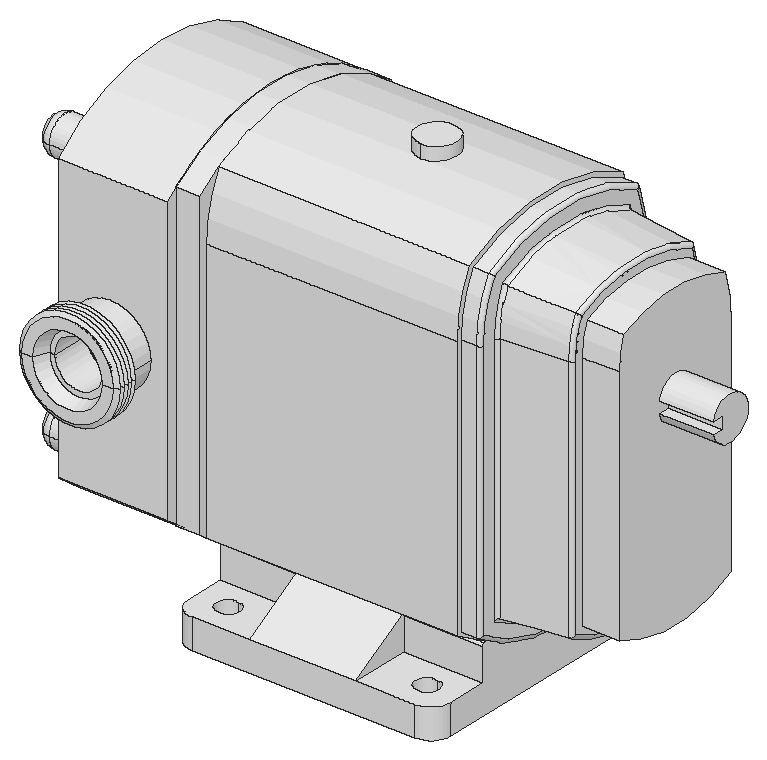
Revit family "MLP 20 - MR202 - Lobe Pump ", category Specialty Equipment, Revit 2022
Family settings
  Round Connector Dimension = Use Diameter
  Part Type = Normal
  Work Plane-Based = No
  Always vertical = Yes
  Cut with Voids When Loaded = No
  Maintain Annotation Orientation = No
  Shared = No
  Room Calculation Point = No
Parameters (values of type "MLP 20 - 0.75kW")
  URL = "https://en.ekinendustriyel.com/lobe-pumps/lobe-pumps"
  Pressure = 20.0 bar  # constant formula
  Motor Power = 0.75 kW  # constant formula
  Model = "MLP-20 TUL - MR202"
  Manufacturer = "Ekin Endüstriyel"
  Keynote = "Double Serpentine Heater Tank"
  Flow = 2.0 m³/h  # constant formula
  Description = "MIT MLP 20 - Lobe Pump"
  Default Elevation = 0"
Reference planes (in)
  plane 1 "Center (Front/Back)": y = 0
  plane 2: z = 0
  plane 3 "Center (Left/Right)": x = 0
Forms (in)
  Extrusion 1, solid, material "Ekin Endüstriyel_StainlesSteel", detail levels medium+fine
    sketch origin (0, 0, 0) x (1, 0, 0) y (0, 1, 0)
      loop
        arc (-2.94291, -2.16535) -> (-2.8276, -2.44374) -> (-2.54921, -2.55906) r 0.3937
        line (-2.54921, -2.55906) -> (1.86024, -2.55906)
        arc (1.86024, -2.55906) -> (2.13862, -2.44374) -> (2.25394, -2.16535) r 0.3937
        line (2.25394, -2.16535) -> (2.25394, 2.16535)
        arc (2.25394, 2.16535) -> (2.13862, 2.44374) -> (1.86024, 2.55906) r 0.3937
        line (1.86024, 2.55906) -> (-2.54921, 2.55906)
        arc (-2.54921, 2.55906) -> (-2.8276, 2.44374) -> (-2.94291, 2.16535) r 0.3937
        line (-2.94291, 2.16535) -> (-2.94291, -2.16535)
      loop
        circle (-2.31299, 1.9685) r 0.23622
      loop
        circle (1.62402, 1.9685) r 0.23622
      loop
        circle (1.62402, -1.9685) r 0.23622
      loop
        circle (-2.31299, -1.9685) r 0.23622
    from 0 to 0.59055
  Extrusion 2, solid, material "Ekin Endüstriyel_StainlesSteel", detail levels medium+fine
    sketch origin (0, 0, 0) x (0, 1, 0) y (0, 0, 1)
      loop
        arc (2.55906, 7.79528) -> (0, 8.77953) -> (-2.55906, 7.79528) r 3.8189
        line (-2.55906, 7.79528) -> (-2.55906, 2.12598)
        arc (-2.55906, 2.12598) -> (0, 1.14173) -> (2.55906, 2.12598) r 3.8189
        line (2.55906, 2.12598) -> (2.55906, 7.79528)
    from -3.04134 to -5.20669
  Extrusion 3, solid, material "Ekin Endüstriyel_StainlesSteel", detail levels medium+fine
    sketch origin (0, 0, 0) x (0, 1, 0) y (0, 0, 1)
      loop
        arc (-2.3622, 1.95997) -> (0, 1.14173) -> (2.3622, 1.95997) r 3.8189
        line (2.3622, 1.95997) -> (2.3622, 7.96129)
        arc (2.3622, 7.96129) -> (0, 8.77953) -> (-2.3622, 7.96129) r 3.8189
        line (-2.3622, 7.96129) -> (-2.3622, 1.95997)
    from -3.04134 to -2.5689
  Extrusion 4, solid, material "Ekin Endüstriyel_StainlesSteel", detail levels medium+fine
    sketch origin (0, 0, 0) x (0, 1, 0) y (0, 0, 1)
      loop
        arc (-1.88976, 8.27918) -> (-2.12471, 7.68993) -> (-2.20472, 7.06063) r 2.51469
        line (-2.20472, 7.06063) -> (-2.20472, 1.84243)
        arc (-2.20472, 1.84243) -> (0, 1.14173) -> (2.20472, 1.84243) r 3.8189
        line (2.20472, 1.84243) -> (2.20472, 6.68734)
        arc (2.20472, 6.68734) -> (2.12523, 7.49869) -> (1.88976, 8.27918) r 4.18012
        arc (1.88976, 8.27918) -> (0, 8.77953) -> (-1.88976, 8.27918) r 3.8189
    from -2.5689 to 2.41142
  Sweep 5, solid, material "Ekin Endüstriyel_StainlesSteel", detail levels medium+fine
    path in 3D
      loop
        arc (2.41142, 1.88976, 8.27918) -> (2.41142, 2.12523, 7.49869) -> (2.41142, 2.20472, 6.68734) r 4.18012
        line (2.41142, 2.20472, 6.68734) -> (2.41142, 2.20472, 1.84243)
        arc (2.41142, 2.20472, 1.84243) -> (2.41142, 0, 1.14173) -> (2.41142, -2.20472, 1.84243) r 3.8189
        line (2.41142, -2.20472, 1.84243) -> (2.41142, -2.20472, 7.06063)
        arc (2.41142, -2.20472, 7.06063) -> (2.41142, -2.12471, 7.68993) -> (2.41142, -1.88976, 8.27918) r 2.51469
        arc (2.41142, -1.88976, 8.27918) -> (2.41142, 0, 8.77953) -> (2.41142, 1.88976, 8.27918) r 3.8189
    profile origin (2.41142, 0, 8.77953) x (0, 0, 1) y (1, 0, 0)
      loop
        line (-0.07874, 0) -> (-0.07874, 0.31563)
        arc (-0.07874, 0.31563) -> (-0.10153, 0.37065) -> (-0.15655, 0.39344) r 0.07781
        line (-0.15655, 0.39344) -> (-0.40821, 0.39344)
        arc (-0.40821, 0.39344) -> (-0.45543, 0.4118) -> (-0.47784, 0.45724) r 0.06989
        line (-0.47784, 0.45724) -> (-0.58988, 1.73784)
        arc (-0.58988, 1.73784) -> (-0.61512, 1.78903) -> (-0.66832, 1.80972) r 0.07874
        line (-0.66832, 1.80972) -> (-0.82285, 1.80972) -> (-0.82285, 0.55118) -> (-0.82285, 0) -> (-0.07874, 0)
  Extrusion 6, solid, material "Ekin Endüstriyel_StainlesSteel", detail levels medium+fine
    sketch origin (0, 0, 0) x (0, 1, 0) y (0, 0, 1)
      loop
        arc (-1.26597, 7.67608) -> (-1.35265, 7.37376) -> (-1.38188, 7.06063) r 1.69184
        line (-1.38188, 7.06063) -> (-1.38188, 2.3023)
        arc (-1.38188, 2.3023) -> (0, 1.96458) -> (1.38188, 2.3023) r 2.99605
        line (1.38188, 2.3023) -> (1.38188, 6.68734)
        arc (1.38188, 6.68734) -> (1.34306, 7.1964) -> (1.2275, 7.69368) r 3.35728
        arc (1.2275, 7.69368) -> (-0.02115, 7.95661) -> (-1.26597, 7.67608) r 2.99605
    from 2.41142 to 4.96598
  Revolve 7, solid, material "Ekin Endüstriyel_StainlesSteel", detail levels medium+fine
    sketch origin (0, 0, 2.37219) x (1, 0, 0) y (0, 1, 0)
      loop
        line (-5.20669, 1.96048) -> (-5.86006, 1.96048)
        arc (-5.86006, 1.96048) -> (-5.93689, 1.94951) -> (-6.00757, 1.91745) r 0.27436
        arc (-6.00757, 1.91745) -> (-6.14408, 1.77012) -> (-6.19094, 1.5748) r 0.39679
        line (-6.19094, 1.5748) -> (-5.20669, 1.5748) -> (-5.20669, 1.96048)
      axis (-5.20669, 1.5748) -> (-6.19094, 1.5748)
    angle from 0 to 360
  Revolve 8, solid, material "Ekin Endüstriyel_StainlesSteel", detail levels medium+fine
    sketch origin (0, 0, 7.55182) x (1, 0, 0) y (0, 1, 0)
      loop
        line (-5.20669, 1.96048) -> (-5.86006, 1.96048)
        arc (-5.86006, 1.96048) -> (-5.93689, 1.94951) -> (-6.00757, 1.91745) r 0.27436
        arc (-6.00757, 1.91745) -> (-6.14408, 1.77012) -> (-6.19094, 1.5748) r 0.39679
        line (-6.19094, 1.5748) -> (-5.20669, 1.5748) -> (-5.20669, 1.96048)
      axis (-5.20669, 1.5748) -> (-6.19094, 1.5748)
    angle from 0 to 360
  Revolve 9, solid, material "Ekin Endüstriyel_StainlesSteel", detail levels medium+fine
    sketch origin (0, 0, 2.37219) x (1, 0, 0) y (0, 1, 0)
      loop
        line (-5.20669, -1.96048) -> (-5.20669, -1.5748) -> (-6.19094, -1.5748)
        arc (-6.19094, -1.5748) -> (-6.14408, -1.77012) -> (-6.00757, -1.91745) r 0.39679
        arc (-6.00757, -1.91745) -> (-5.93689, -1.94951) -> (-5.86006, -1.96048) r 0.27436
        line (-5.86006, -1.96048) -> (-5.20669, -1.96048)
      axis (-5.20669, -1.5748) -> (-6.19094, -1.5748)
    angle from 0 to 360
  Revolve 10, solid, material "Ekin Endüstriyel_StainlesSteel", detail levels medium+fine
    sketch origin (0, 0, 7.55182) x (1, 0, 0) y (0, 1, 0)
      loop
        line (-5.20669, -1.96048) -> (-5.20669, -1.5748) -> (-6.19094, -1.5748)
        arc (-6.19094, -1.5748) -> (-6.14408, -1.77012) -> (-6.00757, -1.91745) r 0.39679
        arc (-6.00757, -1.91745) -> (-5.93689, -1.94951) -> (-5.86006, -1.96048) r 0.27436
        line (-5.86006, -1.96048) -> (-5.20669, -1.96048)
      axis (-5.20669, -1.5748) -> (-6.19094, -1.5748)
    angle from 0 to 360
  Extrusion 11, solid, material "Ekin Endüstriyel_StainlesSteel"
    sketch origin (-5.20669, 0, 0) x (0, -1, 0) y (0, 0, 1)
      loop
        circle (0, 4.96063) r 1.9685
    from 0 to 0.3937
  Extrusion 12, solid, material "Ekin Endüstriyel_StainlesSteel", detail levels fine
    sketch origin (4.22244, 0, 6.02362) x (0, 0, 1) y (0, 1, 0)
      loop
        circle (0, 0) r 0.43307
    from -1.83071 to 0.00131
  Extrusion 13, void
    sketch origin (-0.82677, 0, 0) x (1, 0, 0) y (0, 0, 1)
      loop
        line (6.87992, 6.13969) -> (5.69991, 6.13969)
        arc (5.69991, 6.13969) -> (5.5818, 6.02158) -> (5.69991, 5.90347) r 0.11811
        line (5.69991, 5.90347) -> (6.87992, 5.90347) -> (6.87992, 6.13969)
    from 0.19685 to 0.53788
  Extrusion 14, solid, material "Ekin Endüstriyel_StainlesSteel", detail levels medium+fine
    sketch origin (0, 0, 0) x (0, 1, 0) y (0, 0, 1)
      loop
        line (2.55906, 0.59055) -> (1.24375, 1.34994)
        arc (1.24375, 1.34994) -> (0, 1.14173) -> (-1.24375, 1.34994) r 3.8189
        line (-1.24375, 1.34994) -> (-2.55906, 0.59055) -> (2.55906, 0.59055)
    from -1.4119 to 0.68297
  Extrusion 15, solid, material "Ekin Endüstriyel_StainlesSteel", detail levels medium+fine
    sketch origin (0, 0, 0) x (0, 1, 0) y (0, 0, 1)
      loop
        line (1.33982, 1.29448) -> (1.24375, 1.34994)
        arc (1.24375, 1.34994) -> (0, 1.14173) -> (-1.24375, 1.34994) r 3.8189
        line (-1.24375, 1.34994) -> (-1.33985, 1.29446)
        arc (-1.33985, 1.29446) -> (-1.36774, 1.26657) -> (-1.37795, 1.22846) r 0.07621
        line (-1.37795, 1.22846) -> (-1.37795, 0.59055) -> (1.37795, 0.59055) -> (1.37795, 1.22843)
        arc (1.37795, 1.22843) -> (1.36774, 1.26656) -> (1.33982, 1.29448) r 0.07626
    from -2.94291 to 2.25394
  Extrusion 16, solid, material "Ekin Endüstriyel_StainlesSteel", detail levels medium+fine
    sketch origin (0, 0, 0) x (1, 0, 0) y (0, 1, 0)
      loop
        circle (0.24606, 0) r 0.3937
    from 8.7471 to 9.01575
  Extrusion 17, solid, material "Ekin Endüstriyel_StainlesSteel", detail levels medium
    sketch origin (0, 0, 0) x (1, 0, 0) y (0, 0, -1)
      loop
        arc (-3.68286, -4.84818) -> (-4.18286, -4.34892) -> (-4.68285, -4.84818) r 0.5
        arc (-4.68285, -4.84818) -> (-4.18286, -5.34744) -> (-3.68286, -4.84818) r 0.5
      loop
        circle (-4.18286, -4.84791) r 0.99283
    from 2.55906 to 3.60112
  Extrusion 18, solid, material "Ekin Endüstriyel_StainlesSteel", detail levels coarse+medium
    sketch origin (-5.20669, 0, 0) x (0, -1, 0) y (0, 0, 1)
      loop
        circle (-1.5748, 7.55182) r 0.38568
      loop
        circle (1.5748, 7.55182) r 0.38568
      loop
        circle (1.5748, 2.37219) r 0.38568
      loop
        circle (-1.5748, 2.37219) r 0.38568
    from 0 to 1.00934
  Extrusion 19, solid, material "Ekin Endüstriyel_StainlesSteel", detail levels coarse+medium
    sketch origin (4.22244, 0, 6.02362) x (0, 0, 1) y (0, 1, 0)
      loop
        circle (0, 0) r 0.43307
    from -1.83071 to 0.00131
  Extrusion 20, solid, material "Ekin Endüstriyel_StainlesSteel", detail levels coarse
    sketch origin (0, 0, 0) x (0, 1, 0) y (0, 0, 1)
      loop
        arc (2.55906, 7.79528) -> (0, 8.77953) -> (-2.55906, 7.79528) r 3.8189
        line (-2.55906, 7.79528) -> (-2.55906, 2.12598)
        arc (-2.55906, 2.12598) -> (0, 1.14173) -> (2.55906, 2.12598) r 3.8189
        line (2.55906, 2.12598) -> (2.55906, 7.79528)
    from 4.97047 to -5.20669
  Extrusion 21, solid, material "Ekin Endüstriyel_StainlesSteel", detail levels coarse
    sketch origin (0, 0, 0) x (1, 0, 0) y (0, 0, -1)
      loop
        circle (-4.18286, -4.84744) r 0.99283
    from 2.55906 to 3.60112
  Extrusion 22, solid, material "Ekin Endüstriyel_StainlesSteel", detail levels coarse
    sketch origin (0, 0, 0) x (1, 0, 0) y (0, 1, 0)
      loop
        arc (-2.94291, -2.16535) -> (-2.8276, -2.44374) -> (-2.54921, -2.55906) r 0.3937
        line (-2.54921, -2.55906) -> (1.86024, -2.55906)
        arc (1.86024, -2.55906) -> (2.13862, -2.44374) -> (2.25394, -2.16535) r 0.3937
        line (2.25394, -2.16535) -> (2.25394, 2.16535)
        arc (2.25394, 2.16535) -> (2.13862, 2.44374) -> (1.86024, 2.55906) r 0.3937
        line (1.86024, 2.55906) -> (-2.54921, 2.55906)
        arc (-2.54921, 2.55906) -> (-2.8276, 2.44374) -> (-2.94291, 2.16535) r 0.3937
        line (-2.94291, 2.16535) -> (-2.94291, -2.16535)
    from 0 to 0.59055
  Extrusion 23, solid, material "Ekin Endüstriyel_StainlesSteel", detail levels coarse
    sketch origin (0, 0, 0) x (0, 1, 0) y (0, 0, 1)
      loop
        line (1.33982, 1.29448) -> (1.24375, 1.34994)
        arc (1.24375, 1.34994) -> (0, 1.14173) -> (-1.24375, 1.34994) r 3.8189
        line (-1.24375, 1.34994) -> (-1.33985, 1.29446)
        arc (-1.33985, 1.29446) -> (-1.36774, 1.26657) -> (-1.37795, 1.22846) r 0.07621
        line (-1.37795, 1.22846) -> (-1.37795, 0.59055) -> (1.37795, 0.59055) -> (1.37795, 1.22843)
        arc (1.37795, 1.22843) -> (1.36774, 1.26656) -> (1.33982, 1.29448) r 0.07626
    from -2.94291 to 2.25394
  Revolve 24, solid, material "Ekin Endüstriyel_StainlesSteel", detail levels fine
    sketch origin (0, 0, 4.84744) x (1, 0, 0) y (0, 1, 0)
      loop
        line (-4.98373, -2.55906) -> (-4.98373, -3.18874) -> (-5.17654, -3.18874) -> (-5.09681, -3.23477) -> (-5.17569, -3.28031) -> (-5.09675, -3.32588) -> (-5.17569, -3.37146) -> (-5.09681, -3.417) -> (-5.17569, -3.46254) -> (-5.09681, -3.50808) -> (-5.17569, -3.55362) -> (-5.0934, -3.60112) -> (-4.87291, -3.60112) -> (-4.77298, -3.32656) -> (-4.65949, -3.32656) -> (-4.65949, -2.55906) -> (-4.98373, -2.55906)
      axis (-4.18286, -2.55906) -> (-4.18286, -3.60112)
    angle from 0 to 360
  Extrusion 25, solid, material "Ekin Endüstriyel_StainlesSteel", detail levels medium
    sketch origin (0, 0, 0) x (1, 0, 0) y (0, 0, 1)
      loop
        circle (-4.18286, 4.84744) r 0.5
      loop
        circle (-4.18286, 4.84791) r 0.99283
    from 2.55906 to 3.60112
  Extrusion 26, solid, material "Ekin Endüstriyel_StainlesSteel", detail levels coarse
    sketch origin (0, 0, 0) x (1, 0, 0) y (0, 0, 1)
      loop
        circle (-4.18286, 4.84744) r 0.99283
    from 2.55906 to 3.60112
  Revolve 27, solid, material "Ekin Endüstriyel_StainlesSteel", detail levels fine
    sketch origin (0, 0, 4.84744) x (1, 0, 0) y (0, 1, 0)
      loop
        line (-4.98373, 2.55906) -> (-4.68286, 2.55906) -> (-4.68286, 3.32656) -> (-4.77298, 3.32656) -> (-4.87291, 3.60112) -> (-5.0934, 3.60112) -> (-5.17569, 3.55362) -> (-5.09681, 3.50808) -> (-5.17569, 3.46254) -> (-5.09681, 3.417) -> (-5.17569, 3.37146) -> (-5.09675, 3.32588) -> (-5.17569, 3.28031) -> (-5.09681, 3.23477) -> (-5.17654, 3.18874) -> (-4.98373, 3.18874) -> (-4.98373, 2.55906)
      axis (-4.18286, 2.55906) -> (-4.18286, 3.60112)
    angle from 0 to 360
Cuts and joins
  joined: Sweep 5, Extrusion 6
  Extrusion 13 cuts Extrusion 12
  joined: Extrusion 3, Extrusion 4, Extrusion 16
  joined: Extrusion 1, Extrusion 14, Extrusion 15
Lines and regions (in)
  sketch lines
    curve 1: arc (2.41142, -1.88976, 8.27918) -> (2.41142, 0, 8.77953) -> (2.41142, 1.88976, 8.27918) r 3.8189
    curve 2: arc (2.41142, -2.20472, 7.06063) -> (2.41142, -2.12471, 7.68993) -> (2.41142, -1.88976, 8.27918) r 2.51469
    curve 3: line (2.41142, -2.20472, 7.06063) -> (2.41142, -2.20472, 1.84243)
    curve 4: arc (2.41142, 2.20472, 1.84243) -> (2.41142, 0, 1.14173) -> (2.41142, -2.20472, 1.84243) r 3.8189
    curve 5: line (2.41142, 2.20472, 1.84243) -> (2.41142, 2.20472, 6.68734)
    curve 6: arc (2.41142, 1.88976, 8.27918) -> (2.41142, 2.12523, 7.49869) -> (2.41142, 2.20472, 6.68734) r 4.18012
Dimensions and locks (in)
  aligned and locked: level to plane 2
Connectors (in)
  piping at (-4.18286, 3.60112, 4.84818), diameter 1
    settings: on Extrusion 17, index 2, connector inside diameter 609.6 mm, connector length 0", flow factor 0, pipe flow 0.0 m³/h, pressure drop 0.0 bar, fitting loss kfactor 0, connector angle 0.00°, fixture units 0, engagement length 0", angle of deflection 0.00°, flow configuration 0, flow direction 0, fitting loss method 0, system type 7, joint type 0, gender type 0, connector reference index -1, connector utility 0, adjustable connector no, is connector primary yes, connector description ""
  piping at (-4.18286, -3.60112, 4.84744), diameter 1
    settings: on Extrusion 25, index 3, connector inside diameter 609.6 mm, connector length 0", flow factor 0, pipe flow 0.0 m³/h, pressure drop 0.0 bar, fitting loss kfactor 0, connector angle 0.00°, fixture units 0, engagement length 0", angle of deflection 0.00°, flow configuration 0, flow direction 0, fitting loss method 0, system type 7, joint type 0, gender type 0, connector reference index -1, connector utility 0, adjustable connector no, is connector primary no, connector description ""
